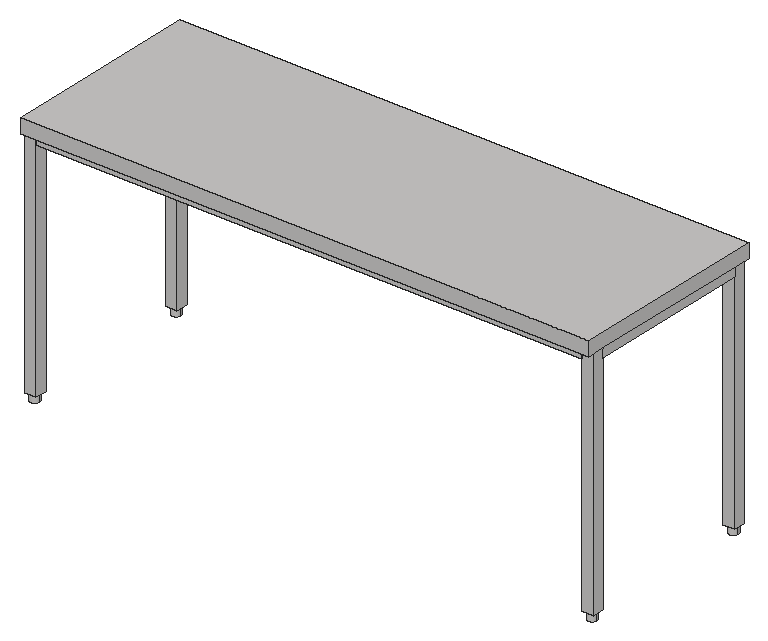
Revit family "QF_ELECTROLUXPROFESSIONAL_134010_GTG2000E", category Attrezzature speciali, Revit 2020
Family settings
  Quota connettore circolare = Usa diametro
  Tipo di parte = Normale
  Basato su piano di lavoro = No
  Sempre verticale = Sì
  Taglio con vuoti quando caricato = No
  Condiviso = No
  Punto di calcolo locali = No
Parameters (values of type "Standard")
  Weight = 54.00 kg
  Watts = 0 W
  Volts = 0 V
  URL Manufacturer = "https://www.electroluxprofessional.com/"
  URL = "https://www.electroluxprofessional.com/"
  Steam Supply Size = 0 mm
  Steam Supply Minimum Pressure = 0.0 Pa
  Steam Supply Maximum Pressure = 0.0 Pa
  Steam Consumption per Hour = 0
  Refrigeration Suction Line Size = 0.0 mm
  Refrigeration Liquid Line Size = 0.0 mm
  Refrigerant Compressor Remote = yes
  Prospetto di default = 0.0 mm
  Produttore = "Electrolux Professional"
  Phase = 0
  Modello = "GTG2000E"
  Length Actual = 2000.0 mm  # constant formula
  Item Number = "134010"
  Hot Water Size = 0 mm
  Height Actual = 900.0 mm  # constant formula
  HP = "0 HP"
  Gas Size = 0 mm
  Gas KW = 0
  Gas Input Pressure = 0 W
  Direct Waste Size = 0 mm
  Descrizione = "WORK TABLE 2000 MM"
  Depth Actual = 700.0 mm  # constant formula
  Cycle = 0 Hz
  Condensate Return Size = 0 mm
  Compressed Air Volume = 0.0 L/s
  Compressed Air Size = 0 mm
  Compressed Air Pressure = 0.0 Pa
  Cold Water Size = 0 mm
  Accessory = yes
Reference planes
  plane 1 "Center (Front/Back)": y = 0
  plane 2: z = 0
  plane 3 "Center (Left/Right)": x = -500
  plane 4 "LEFT": x = -1500
  plane 5 "RIGHT": x = 500
  plane 6 "BACK": y = 350
  plane 7 "FRONT": y = -350
  plane 8 "Base": z = 850
  plane 9 "TOP": z = 900
  plane 10: x = -1480
  plane 11: x = 480
  plane 12: y = 310
  plane 13: y = -310
  plane 14 "TRAVERSI": z = 820
  plane 15: x = -1460
  plane 16: x = 460
  plane 17: y = 290
  plane 18: y = -290
  plane 19: y = 330
  plane 20: y = -330
Forms (mm)
  Extrusion 1, solid, material "QF_Finishes_Stainless Steel"
    sketch origin (-500, 0, 0) x (0, 1, 0) y (0, 0, 1)
      loop
        line (-350, 850) -> (350, 850) -> (350, 900) -> (-350, 900) -> (-350, 850)
    from 1000 to -1000
  Extrusion 2, solid, material "QF_Finishes_Stainless Steel"
    sketch origin (0, 0, 820) x (0, 1, 0) y (-1, 0, 0)
      loop
        line (290, -460) -> (-290, -460) -> (-290, -500) -> (290, -500) -> (290, -460)
      loop
        line (290, 1500) -> (-290, 1500) -> (-290, 1460) -> (290, 1460) -> (290, 1500)
    from 0 to 30
  Extrusion 3, solid, material "QF_Finishes_Stainless Steel"
    sketch origin (0, 0, 820) x (0, 1, 0) y (-1, 0, 0)
      loop
        line (330, -460) -> (330, 1460) -> (290, 1460) -> (290, -460) -> (330, -460)
      loop
        line (-290, 1460) -> (-330, 1460) -> (-330, -460) -> (-290, -460) -> (-290, 1460)
    from 0 to 30
Lines and regions (mm)
  symbolic lines
    curve 1: line (500, 350, 900) -> (-1500, 350, 900)
    curve 2: line (-1500, 350, 900) -> (-1500, -350, 900)
    curve 3: line (-1500, -350, 900) -> (500, -350, 900)
    curve 4: line (500, -350, 900) -> (500, 350, 900)
Dimensions and locks
  plane 4 "LEFT" to plane 5 "RIGHT" = 2000.0 mm
  equal spacing: plane 4 "LEFT", plane 3 "Center (Left/Right)", plane 5 "RIGHT"
  locked: plane 8 "Base" to level at 850
  plane 4 "LEFT" to plane 10 = 20.0 mm
  plane 11 to plane 5 "RIGHT" = 20.0 mm
  plane 10 to plane 11 = 1960.0 mm
  locked: plane 9 "TOP" to level at 900
  plane 6 "BACK" to plane 12 = 40.0 mm
  plane 13 to plane 7 "FRONT" = 40.0 mm
  plane 6 "BACK" to plane 7 "FRONT" = 700.0 mm
  plane 12 to plane 13 = 620.0 mm
  equal spacing: plane 6 "BACK", plane 1 "Center (Front/Back)", plane 7 "FRONT"
  plane 8 "Base" to plane 14 "TRAVERSI" = 30.0 mm
  locked: plane 10 to plane 15 at 20
  locked: plane 16 to plane 11 at 20
  locked: plane 19 to plane 12 at 20
  locked: plane 12 to plane 17 at 20
  locked: plane 18 to plane 13 at 20
  locked: plane 13 to plane 20 at 20
  aligned and locked: level to plane 2
  aligned and locked: plane 10 to nested 1
  aligned and locked: nested 1 to plane 13
  aligned and locked: plane 11 to nested 2
  aligned and locked: nested 2 to plane 13
  aligned and locked: plane 11 to nested 4
  aligned and locked: nested 4 to plane 12
  aligned and locked: plane 10 to nested 3
  aligned and locked: nested 3 to plane 12
  aligned and locked: Extrusion 1 to plane 4 "LEFT"
  aligned and locked: plane 5 "RIGHT" to Extrusion 1
  aligned and locked: curve 2 to plane 4 "LEFT"
  aligned and locked: Extrusion 2 sketch curve to plane 5 "RIGHT"
  aligned and locked: Extrusion 2 sketch curve to plane 17  (x2)
  aligned and locked: plane 16 to Extrusion 2 sketch curve
  aligned and locked: plane 18 to Extrusion 2 sketch curve  (x2)
  aligned and locked: plane 4 "LEFT" to Extrusion 2 sketch curve
  aligned and locked: Extrusion 2 sketch curve to plane 15
  aligned and locked: plane 19 to Extrusion 3 sketch curve
  aligned and locked: Extrusion 3 sketch curve to plane 17
  aligned and locked: Extrusion 3 sketch curve to plane 18
  aligned and locked: plane 20 to Extrusion 3 sketch curve
  aligned and locked: Extrusion 3 sketch curve to plane 15
  aligned and locked: plane 15 to Extrusion 3 sketch curve
  aligned and locked: plane 16 to Extrusion 3 sketch curve
  aligned and locked: Extrusion 3 sketch curve to plane 16
Automatic sketch dimensions
  Extrusion 1 sketch curve to plane 7 "FRONT" = 0.0 mm
  Extrusion 1 sketch curve to plane 8 "Base" = 0.0 mm
  curve 3 to plane 7 "FRONT" = 0.0 mm
  curve 4 to plane 6 "BACK" = 0.0 mm
  Extrusion 1 sketch curve to plane 9 "TOP" = 0.0 mm
  Extrusion 1 sketch curve to plane 6 "BACK" = 0.0 mm
  curve 4 to plane 5 "RIGHT" = 0.0 mm
Nested families
  nested 1: "FEET_40x40_R" at (-1480, -310, 0), type "FEET_40x40_R"
  nested 2: "FEET_40x40_R" at (480, -310, 0), type "FEET_40x40_R"
  nested 3: "FEET_40x40_R" at (-1480, 310, 0), type "FEET_40x40_R"
  nested 4: "FEET_40x40_R" at (480, 310, 0), type "FEET_40x40_R"
Definition of nested family "FEET_40x40_R"
  Parameters
    Default Elevation = 0.0 mm
    FEET = 850.0 mm
  Reference planes
    plane 1 "Center (Front/Back)": y = 0
    plane 2: z = 0
    plane 3 "Center (Left/Right)": x = 0
    plane 4: z = 850
  Forms (mm)
    Extrusion 1, solid
      sketch origin (0, 0, 0) x (1, 0, 0) y (0, 1, 0)
        loop
          line (-20, -20) -> (20, -20) -> (20, 20) -> (-20, 20) -> (-20, -20)
      from 25 to 850
    Extrusion 2, solid
      sketch origin (0, 0, 0) x (1, 0, 0) y (0, 1, 0)
        loop
          circle (0, 0) r 16
      from 0 to 25
  Lines and regions (mm)
    symbolic lines
      curve 1: line (0, -1.503, 0) -> (0, 1.508, 0)
      curve 2: line (1.561, 0, 0) -> (-1.439, 0, 0)
  Dimensions and locks
    "FEET": plane 4 to plane 2
    aligned and locked: level to plane 2
  Automatic sketch dimensions
    Extrusion 1 sketch curve to plane 3 "Center (Left/Right)" = 20.0 mm
    plane 3 "Center (Left/Right)" to Extrusion 1 sketch curve = 20.0 mm
    plane 1 "Center (Front/Back)" to Extrusion 1 sketch curve = 20.0 mm
    Extrusion 1 sketch curve to plane 1 "Center (Front/Back)" = 20.0 mm
    plane 1 "Center (Front/Back)" to Extrusion 2 sketch curve = 0.0 mm
    Extrusion 2 sketch curve to plane 3 "Center (Left/Right)" = 0.0 mm
    plane 1 "Center (Front/Back)" to curve 2 = 0.0 mm
    curve 1 to plane 3 "Center (Left/Right)" = 0.0 mm
    curve 2 to plane 3 "Center (Left/Right)" = 1.439 mm
    plane 3 "Center (Left/Right)" to curve 2 = 1.561 mm
    plane 1 "Center (Front/Back)" to curve 1 = 1.503 mm
    curve 1 to plane 1 "Center (Front/Back)" = 1.508 mm
    radius of Extrusion 2 sketch curve = 16.0 mm
